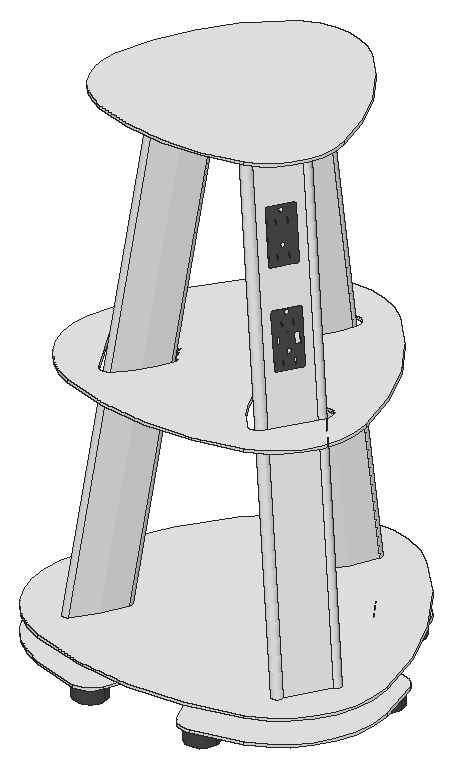
Revit family "OFS ISLE Power Supply1", category Furniture, Revit 2015
Parameters (values of type "Hospitality Mobile Cart 30")
  Width = 18"
  URL = "https://ofs.com/"
  Power Outlets Material = OFS ISLE - Black Plastic
  Model = "PS-96S"
  Manufacturer = "OFS"
  Height = 25 1/2"
  Base Caps Material = OFS ISLE - Base Plastic
  Description = "OFS ISLE POWER STATION, Silver"
  Depth = 18"
  Copyright © = "©OFS 2020"
  Power Station Finish = OFS ISLE - Polished Aluminum
  Catalog = "https://ofs.com/products/accessories/datapower/isle?search=isle"
  Authoring Version = "Autodesk Revit Architecture 2015"
  Assembly Code = "E2020200"
Types (3): name | Width | Power Outlets Material | Model | Height | Base Caps Material | Description | Depth | Power Station Finish | Catalog
  (no name) | 18" | OFS ISLE - Black Plastic | "PS-96S" | 25 1/2" | OFS ISLE - Base Plastic | "OFS ISLE POWER STATION, Silver" | 18" | OFS ISLE - Polished Aluminum | "https://ofs.com/products/accessories/datapower/isle?search=isle"
  Hospitality Mobile Cart 36 | 36" | none | "HC2-3625" | 36 1/2" | none | "OFS MEETING ROOM HOSPITALITY MOBILE CART 36\" Width" | 25" | none | "https://ofs.com/products/tables/conference/meeting-room"
  Hospitality Mobile Cart 30 | 18" | OFS ISLE - Black Plastic | "PS-96S" | 25 1/2" | OFS ISLE - Base Plastic | "OFS ISLE POWER STATION, Silver" | 18" | OFS ISLE - Polished Aluminum | "https://ofs.com/products/accessories/datapower/isle?search=isle"
Reference planes (in)
  plane 1 "Center Front/Back": y = 0
  plane 2: z = 0
  plane 3 "Center Left/Right": x = 0
  plane 4: z = 25.5
  plane 5: z = 4.125
  plane 6: z = 24.375
  plane 7: z = 3.375
  plane 8: z = 4.25
  plane 9: z = 28.375
  plane 10: z = 4.5625
  plane 11: z = 1.257
Forms (in)
  Extrusion 1, solid, material "OFS ISLE - Polished Aluminum" <- "Power Station Finish"
    sketch origin (0, 0, 0) x (1, 0, 0) y (0, 1, 0)
      loop
        arc (-2.62431, 6.57648) -> (-5.45875, 3.13786) -> (-7.01927, -1.03621) r 13.5
        arc (-7.01927, -1.03621) -> (-6.55676, -3.79953) -> (-4.39475, -5.58154) r 4
        arc (-4.39475, -5.58154) -> (0.03036, -6.31669) -> (4.45207, -5.56132) r 13.5
        arc (4.45207, -5.56132) -> (6.57186, -3.77315) -> (7.01927, -1.03621) r 4
        arc (7.01927, -1.03621) -> (5.45875, 3.13786) -> (2.62431, 6.57648) r 13.5
        arc (2.62431, 6.57648) -> (0, 7.55771) -> (-2.62431, 6.57648) r 4
      loop
        arc (-1.37533, 5.55799) -> (-1.72154, 5.38797) -> (-1.79866, 5.01005) r 0.4375
        arc (-1.79866, 5.01005) -> (-1.30389, 3.73291) -> (-0.5324, 2.60125) r 6
        arc (-0.5324, 2.60125) -> (-0.402, 2.56324) -> (-0.3139, 2.66662) r 0.125
        arc (-0.3139, 2.66662) -> (0, 2.5979) -> (0.3139, 2.66662) r 0.75126
        arc (0.3139, 2.66662) -> (0.402, 2.56324) -> (0.5324, 2.60125) r 0.125
        arc (0.5324, 2.60125) -> (1.30389, 3.73291) -> (1.79866, 5.01005) r 6
        arc (1.79866, 5.01005) -> (1.72154, 5.38797) -> (1.37533, 5.55799) r 0.4375
        line (1.37533, 5.55799) -> (-1.37533, 5.55799)
      loop
        arc (5.50103, -1.58793) -> (5.52689, -1.20309) -> (5.23816, -0.94734) r 0.4375
        arc (5.23816, -0.94734) -> (3.88475, -0.73725) -> (2.51895, -0.83956) r 6
        arc (2.51895, -0.83956) -> (2.42083, -0.93348) -> (2.46631, -1.06146) r 0.125
        arc (2.46631, -1.06146) -> (2.24985, -1.29895) -> (2.15241, -1.60516) r 0.75126
        arc (2.15241, -1.60516) -> (2.01883, -1.62976) -> (1.98655, -1.7617) r 0.125
        arc (1.98655, -1.7617) -> (2.58085, -2.99566) -> (3.4395, -4.06271) r 6
        arc (3.4395, -4.06271) -> (3.80535, -4.18488) -> (4.1257, -3.97007) r 0.4375
        line (4.1257, -3.97007) -> (5.50103, -1.58793)
      loop
        line (-5.50103, -1.58793) -> (-4.1257, -3.97007)
        arc (-4.1257, -3.97007) -> (-3.80535, -4.18488) -> (-3.4395, -4.06271) r 0.4375
        arc (-3.4395, -4.06271) -> (-2.58085, -2.99566) -> (-1.98655, -1.7617) r 6
        arc (-1.98655, -1.7617) -> (-2.01883, -1.62976) -> (-2.15241, -1.60516) r 0.125
        arc (-2.15241, -1.60516) -> (-2.24985, -1.29895) -> (-2.46631, -1.06146) r 0.75126
        arc (-2.46631, -1.06146) -> (-2.42083, -0.93348) -> (-2.51895, -0.83956) r 0.125
        arc (-2.51895, -0.83956) -> (-3.88475, -0.73725) -> (-5.23816, -0.94734) r 6
        arc (-5.23816, -0.94734) -> (-5.52689, -1.20309) -> (-5.50103, -1.58793) r 0.4375
    from 13.3125 to 13.4375
  Extrusion 2, solid, material "OFS ISLE - Polished Aluminum" <- "Power Station Finish"
    sketch origin (0, 0, 0) x (1, 0, 0) y (0, 1, 0)
      loop
        arc (-3.0693, 7.6916) -> (-6.38434, 3.66992) -> (-8.20947, -1.21191) r 15.78908
        arc (-8.20947, -1.21191) -> (-7.66853, -4.44378) -> (-5.13993, -6.52795) r 4.67824
        arc (-5.13993, -6.52795) -> (0.03551, -7.38775) -> (5.20697, -6.5043) r 15.78908
        arc (5.20697, -6.5043) -> (7.68619, -4.41293) -> (8.20947, -1.21191) r 4.67824
        arc (8.20947, -1.21191) -> (6.38434, 3.66992) -> (3.0693, 7.6916) r 15.78908
        arc (3.0693, 7.6916) -> (0, 8.8392) -> (-3.0693, 7.6916) r 4.67824
    from 1.9375 to 2.0625
  Extrusion 3, solid, material "OFS ISLE - Polished Aluminum" <- "Power Station Finish"
    sketch origin (0, 0, 0) x (1, 0, 0) y (0, 1, 0)
      loop
        arc (-2.14696, 5.38023) -> (-4.46581, 2.56709) -> (-5.74248, -0.84773) r 11.04437
        arc (-5.74248, -0.84773) -> (-5.3641, -3.1084) -> (-3.59535, -4.56627) r 3.27241
        arc (-3.59535, -4.56627) -> (0.02484, -5.16769) -> (3.64225, -4.54972) r 11.04437
        arc (3.64225, -4.54972) -> (5.37645, -3.08682) -> (5.74248, -0.84773) r 3.27241
        arc (5.74248, -0.84773) -> (4.46581, 2.56709) -> (2.14696, 5.38023) r 11.04437
        arc (2.14696, 5.38023) -> (0, 6.18298) -> (-2.14696, 5.38023) r 3.27241
    from 25.5625 to 25.6875
  Extrusion 4, solid, material "OFS ISLE - Polished Aluminum" <- "Power Station Finish"
    sketch origin (0, 0, 0) x (1, 0, 0) y (0, 1, 0)
      loop
        arc (-3.0693, 7.6916) -> (-3.88453, 6.9307) -> (-4.64403, 6.11417) r 15.78908
        arc (-4.64403, 6.11417) -> (-4.88804, 5.47814) -> (-4.66806, 4.8334) r 1
        line (-4.66806, 4.8334) -> (-3.62817, 3.53791) -> (-4.89188, 1.34909) -> (-6.53371, 1.60183)
        arc (-6.53371, 1.60183) -> (-7.20205, 1.46994) -> (-7.63084, 0.94059) r 1
        arc (-7.63084, 0.94059) -> (-7.95818, -0.12544) -> (-8.20947, -1.21191) r 15.78908
        arc (-8.20947, -1.21191) -> (-7.66853, -4.44378) -> (-5.13993, -6.52795) r 4.67824
        arc (-5.13993, -6.52795) -> (-4.03094, -6.86473) -> (-2.90024, -7.11925) r 15.78908
        arc (-2.90024, -7.11925) -> (-2.28418, -6.97276) -> (-1.87963, -6.4856) r 1
        line (-1.87963, -6.4856) -> (-1.2776, -4.93736) -> (1.24984, -4.93736) -> (1.85182, -6.48568)
        arc (1.85182, -6.48568) -> (2.30019, -6.99856) -> (2.97301, -7.10526) r 1
        arc (2.97301, -7.10526) -> (4.10101, -6.84575) -> (5.20697, -6.5043) r 15.78908
        arc (5.20697, -6.5043) -> (7.68619, -4.41293) -> (8.20947, -1.21191) r 4.67824
        arc (8.20947, -1.21191) -> (7.95818, -0.12544) -> (7.63084, 0.94059) r 15.78908
        arc (7.63084, 0.94059) -> (7.20205, 1.46994) -> (6.53371, 1.60183) r 1
        line (6.53371, 1.60183) -> (4.89188, 1.34909) -> (3.62817, 3.53791) -> (4.66806, 4.8334)
        arc (4.66806, 4.8334) -> (4.88804, 5.47814) -> (4.64403, 6.11417) r 1
        arc (4.64403, 6.11417) -> (3.88453, 6.9307) -> (3.0693, 7.6916) r 15.78908
        arc (3.0693, 7.6916) -> (0, 8.8392) -> (-3.0693, 7.6916) r 4.67824
    from 0.75 to 0.875
  Extrusion 5, solid, material "OFS ISLE - Polished Aluminum" <- "Power Station Finish"
    sketch origin (0, 3.57659, 1.45515) x (-0.5, -0.856513, -0.128007) y (0.866025, -0.494508, -0.073905)
      loop
        arc (-3.5204, -0.31438) -> (-3.72167, -0.55984) -> (-3.5212, -0.80596) r 0.25081
        line (-3.5212, -0.80596) -> (-2.4594, -2.64505)
        arc (-2.4594, -2.64505) -> (-2.34649, -2.94172) -> (-2.03328, -2.89015) r 0.25081
        arc (-2.03328, -2.89015) -> (-1.28391, -1.83834) -> (-0.76646, -0.65507) r 6.25636
        arc (-0.76646, -0.65507) -> (-0.78812, -0.45408) -> (-0.95135, -0.33482) r 0.25
        arc (-0.95135, -0.33482) -> (-2.23482, -0.19131) -> (-3.5204, -0.31438) r 6.25636
    from -0.47175 to 25.23275
  Extrusion 6, solid, material "OFS ISLE - Polished Aluminum" <- "Power Station Finish"
    sketch origin (-3.09742, -1.7883, 1.45515) x (0.991762, -0.004756, -0.128007) y (-0.004756, 0.997254, -0.073905)
      loop
        arc (-3.5204, -0.31438) -> (-3.72167, -0.55984) -> (-3.5212, -0.80596) r 0.25081
        line (-3.5212, -0.80596) -> (-2.4594, -2.64505)
        arc (-2.4594, -2.64505) -> (-2.34649, -2.94172) -> (-2.03328, -2.89015) r 0.25081
        arc (-2.03328, -2.89015) -> (-1.28391, -1.83834) -> (-0.76646, -0.65507) r 6.25636
        arc (-0.76646, -0.65507) -> (-0.78812, -0.45408) -> (-0.95135, -0.33482) r 0.25
        arc (-0.95135, -0.33482) -> (-2.23482, -0.19131) -> (-3.5204, -0.31438) r 6.25636
    from -0.47175 to 25.23275
  Extrusion 7, solid, material "OFS ISLE - Polished Aluminum" <- "Power Station Finish"
    sketch origin (3.09742, -1.7883, 1.45515) x (-0.991762, -0.004756, -0.128007) y (-0.004756, -0.997254, 0.073905)
      loop
        arc (-3.5204, 0.31438) -> (-2.23482, 0.19131) -> (-0.95135, 0.33482) r 6.25636
        arc (-0.95135, 0.33482) -> (-0.78812, 0.45408) -> (-0.76646, 0.65507) r 0.25
        arc (-0.76646, 0.65507) -> (-1.28391, 1.83834) -> (-2.03328, 2.89015) r 6.25636
        arc (-2.03328, 2.89015) -> (-2.34649, 2.94172) -> (-2.4594, 2.64505) r 0.25081
        line (-2.4594, 2.64505) -> (-3.5212, 0.80596)
        arc (-3.5212, 0.80596) -> (-3.72167, 0.55984) -> (-3.5204, 0.31438) r 0.25081
    from -0.47175 to 25.23275
  Extrusion 8, void
    sketch origin (0, 0, 0) x (1, 0, 0) y (0, 1, 0)
      loop
        circle (0, 0) r 10.25
    from 2.0625 to -2.47935
  Extrusion 9, void
    sketch origin (0, 0, 26.625) x (0, -1, 0) y (1, 0, 0)
      loop
        circle (0, 0) r 10.25
    from 1.9375 to -1.0625
  Extrusion 10, solid, material "OFS ISLE - Polished Aluminum" <- "Power Station Finish"
    sketch origin (0, 0, 0) x (1, 0, 0) y (0, 1, 0)
      loop
        arc (-2.14696, 5.38023) -> (-4.46581, 2.56709) -> (-5.74248, -0.84773) r 11.04437
        arc (-5.74248, -0.84773) -> (-5.3641, -3.1084) -> (-3.59535, -4.56627) r 3.27241
        arc (-3.59535, -4.56627) -> (0.02484, -5.16769) -> (3.64225, -4.54972) r 11.04437
        arc (3.64225, -4.54972) -> (5.37645, -3.08682) -> (5.74248, -0.84773) r 3.27241
        arc (5.74248, -0.84773) -> (4.46581, 2.56709) -> (2.14696, 5.38023) r 11.04437
        arc (2.14696, 5.38023) -> (0, 6.18298) -> (-2.14696, 5.38023) r 3.27241
    from 0.875 to 1.9375
  Extrusion 11, solid, material "OFS ISLE - Base Plastic" <- "Base Caps Material"
    sketch origin (0, 0, 0) x (1, 0, 0) y (0, 1, 0)
      loop
        circle (-2.8151, -6.152) r 0.75
      loop
        circle (2.8151, -6.152) r 0.75
      loop
        circle (6.73534, 0.63805) r 0.75
      loop
        circle (3.92024, 5.51395) r 0.75
      loop
        circle (-6.73534, 0.63805) r 0.75
      loop
        circle (-3.92024, 5.51395) r 0.75
    from 0 to 0.75
  Extrusion 12, solid, material "OFS ISLE - Black Plastic" <- "Power Outlets Material"
    sketch origin (5.52316, -4.41581, 1.96546) x (0.5, 0.866025, 0) y (-0.128007, 0.073905, 0.989016)
      loop
        line (1.27392, 14.31014) -> (1.27392, 13.96815) -> (1.36092, 13.96815) -> (1.36092, 14.31014) -> (1.27392, 14.31014)
      loop
        line (0.84892, 13.99615) -> (0.84892, 14.27414) -> (0.76392, 14.27414) -> (0.76392, 13.99615) -> (0.84892, 13.99615)
      loop
        line (1.16992, 14.60312) -> (1.16992, 14.70612) -> (0.95692, 14.70612) -> (0.95692, 14.60312)
        arc (0.95692, 14.60312) -> (1.06342, 14.49662) -> (1.16992, 14.60312) r 0.1065
      loop
        arc (0.71092, 15.23273) -> (0.64342, 15.30023) -> (0.57592, 15.23273) r 0.0675
        line (0.57592, 15.23273) -> (0.57592, 15.00774)
        arc (0.57592, 15.00774) -> (0.64342, 14.94024) -> (0.71092, 15.00774) r 0.0675
        line (0.71092, 15.00774) -> (0.71092, 15.23273)
      loop
        line (1.32892, 15.38123) -> (1.32892, 14.85925) -> (1.56092, 14.85925) -> (1.56092, 15.38123) -> (1.32892, 15.38123)
      loop
        arc (0.41592, 13.94929) -> (0.45253, 13.8609) -> (0.54092, 13.82429) r 0.125
        line (0.54092, 13.82429) -> (1.58592, 13.82429)
        arc (1.58592, 13.82429) -> (1.6743, 13.8609) -> (1.71092, 13.94929) r 0.125
        line (1.71092, 13.94929) -> (1.71092, 16.2991)
        arc (1.71092, 16.2991) -> (1.6743, 16.38749) -> (1.58592, 16.4241) r 0.125
        line (1.58592, 16.4241) -> (0.54092, 16.4241)
        arc (0.54092, 16.4241) -> (0.45253, 16.38749) -> (0.41592, 16.2991) r 0.125
        line (0.41592, 16.2991) -> (0.41592, 13.94929)
      loop
        line (1.27392, 15.97007) -> (1.27392, 15.62809) -> (1.36092, 15.62809) -> (1.36092, 15.97007) -> (1.27392, 15.97007)
      loop
        line (0.84892, 15.65609) -> (0.84892, 15.93408) -> (0.76392, 15.93408) -> (0.76392, 15.65609) -> (0.84892, 15.65609)
      loop
        line (1.16992, 16.26305) -> (1.16992, 16.36606) -> (0.95692, 16.36606) -> (0.95692, 16.26305)
        arc (0.95692, 16.26305) -> (1.06342, 16.15655) -> (1.16992, 16.26305) r 0.1065
      loop
        circle (1.06381, 15.42449) r 0.04996
      loop
        line (1.27392, 18.81005) -> (1.27392, 18.46806) -> (1.36092, 18.46806) -> (1.36092, 18.81005) -> (1.27392, 18.81005)
      loop
        line (0.84892, 18.49606) -> (0.84892, 18.77405) -> (0.76392, 18.77405) -> (0.76392, 18.49606) -> (0.84892, 18.49606)
      loop
        line (1.16992, 19.10303) -> (1.16992, 19.20603) -> (0.95692, 19.20603) -> (0.95692, 19.10303)
        arc (0.95692, 19.10303) -> (1.06342, 18.99653) -> (1.16992, 19.10303) r 0.1065
      loop
        arc (0.41592, 18.37107) -> (0.45253, 18.28268) -> (0.54092, 18.24607) r 0.125
        line (0.54092, 18.24607) -> (1.58592, 18.24607)
        arc (1.58592, 18.24607) -> (1.6743, 18.28268) -> (1.71092, 18.37107) r 0.125
        line (1.71092, 18.37107) -> (1.71092, 20.68963)
        arc (1.71092, 20.68963) -> (1.6743, 20.77802) -> (1.58592, 20.81463) r 0.125
        line (1.58592, 20.81463) -> (0.54092, 20.81463)
        arc (0.54092, 20.81463) -> (0.45253, 20.77802) -> (0.41592, 20.68963) r 0.125
        line (0.41592, 20.68963) -> (0.41592, 18.37107)
      loop
        line (1.27392, 20.29811) -> (1.27392, 19.95612) -> (1.36092, 19.95612) -> (1.36092, 20.29811) -> (1.27392, 20.29811)
      loop
        line (0.84892, 19.98412) -> (0.84892, 20.26211) -> (0.76392, 20.26211) -> (0.76392, 19.98412) -> (0.84892, 19.98412)
      loop
        line (1.16992, 20.59109) -> (1.16992, 20.69409) -> (0.95692, 20.69409) -> (0.95692, 20.59109)
        arc (0.95692, 20.59109) -> (1.06342, 20.48459) -> (1.16992, 20.59109) r 0.1065
    from 0 to 0.08427
  Extrusion 13, solid, material "OFS ISLE - Black Plastic" <- "Power Outlets Material"
    sketch origin (-5.52316, -4.41581, 1.96546) x (-0.5, 0.866025, 0) y (-0.128007, -0.073905, -0.989016)
      loop
        line (1.27392, -14.31014) -> (1.36092, -14.31014) -> (1.36092, -13.96815) -> (1.27392, -13.96815) -> (1.27392, -14.31014)
      loop
        line (0.84892, -13.99615) -> (0.76392, -13.99615) -> (0.76392, -14.27414) -> (0.84892, -14.27414) -> (0.84892, -13.99615)
      loop
        arc (1.16992, -14.60312) -> (1.06342, -14.49662) -> (0.95692, -14.60312) r 0.1065
        line (0.95692, -14.60312) -> (0.95692, -14.70612) -> (1.16992, -14.70612) -> (1.16992, -14.60312)
      loop
        line (0.71092, -15.23273) -> (0.71092, -15.00774)
        arc (0.71092, -15.00774) -> (0.64342, -14.94024) -> (0.57592, -15.00774) r 0.0675
        line (0.57592, -15.00774) -> (0.57592, -15.23273)
        arc (0.57592, -15.23273) -> (0.64342, -15.30023) -> (0.71092, -15.23273) r 0.0675
      loop
        line (1.32892, -15.38123) -> (1.56092, -15.38123) -> (1.56092, -14.85925) -> (1.32892, -14.85925) -> (1.32892, -15.38123)
      loop
        line (0.41592, -13.94929) -> (0.41592, -16.2991)
        arc (0.41592, -16.2991) -> (0.45253, -16.38749) -> (0.54092, -16.4241) r 0.125
        line (0.54092, -16.4241) -> (1.58592, -16.4241)
        arc (1.58592, -16.4241) -> (1.6743, -16.38749) -> (1.71092, -16.2991) r 0.125
        line (1.71092, -16.2991) -> (1.71092, -13.94929)
        arc (1.71092, -13.94929) -> (1.6743, -13.8609) -> (1.58592, -13.82429) r 0.125
        line (1.58592, -13.82429) -> (0.54092, -13.82429)
        arc (0.54092, -13.82429) -> (0.45253, -13.8609) -> (0.41592, -13.94929) r 0.125
      loop
        line (1.27392, -15.97007) -> (1.36092, -15.97007) -> (1.36092, -15.62809) -> (1.27392, -15.62809) -> (1.27392, -15.97007)
      loop
        line (0.84892, -15.65609) -> (0.76392, -15.65609) -> (0.76392, -15.93408) -> (0.84892, -15.93408) -> (0.84892, -15.65609)
      loop
        arc (1.16992, -16.26305) -> (1.06342, -16.15655) -> (0.95692, -16.26305) r 0.1065
        line (0.95692, -16.26305) -> (0.95692, -16.36606) -> (1.16992, -16.36606) -> (1.16992, -16.26305)
      loop
        circle (1.06381, -15.42449) r 0.04996
      loop
        line (1.27392, -18.81005) -> (1.36092, -18.81005) -> (1.36092, -18.46806) -> (1.27392, -18.46806) -> (1.27392, -18.81005)
      loop
        line (0.84892, -18.49606) -> (0.76392, -18.49606) -> (0.76392, -18.77405) -> (0.84892, -18.77405) -> (0.84892, -18.49606)
      loop
        arc (1.16992, -19.10303) -> (1.06342, -18.99653) -> (0.95692, -19.10303) r 0.1065
        line (0.95692, -19.10303) -> (0.95692, -19.20603) -> (1.16992, -19.20603) -> (1.16992, -19.10303)
      loop
        line (0.41592, -18.37107) -> (0.41592, -20.68963)
        arc (0.41592, -20.68963) -> (0.45253, -20.77802) -> (0.54092, -20.81463) r 0.125
        line (0.54092, -20.81463) -> (1.58592, -20.81463)
        arc (1.58592, -20.81463) -> (1.6743, -20.77802) -> (1.71092, -20.68963) r 0.125
        line (1.71092, -20.68963) -> (1.71092, -18.37107)
        arc (1.71092, -18.37107) -> (1.6743, -18.28268) -> (1.58592, -18.24607) r 0.125
        line (1.58592, -18.24607) -> (0.54092, -18.24607)
        arc (0.54092, -18.24607) -> (0.45253, -18.28268) -> (0.41592, -18.37107) r 0.125
      loop
        line (1.27392, -20.29811) -> (1.36092, -20.29811) -> (1.36092, -19.95612) -> (1.27392, -19.95612) -> (1.27392, -20.29811)
      loop
        line (0.84892, -19.98412) -> (0.76392, -19.98412) -> (0.76392, -20.26211) -> (0.84892, -20.26211) -> (0.84892, -19.98412)
      loop
        arc (1.16992, -20.59109) -> (1.06342, -20.48459) -> (0.95692, -20.59109) r 0.1065
        line (0.95692, -20.59109) -> (0.95692, -20.69409) -> (1.16992, -20.69409) -> (1.16992, -20.59109)
    from 0 to 0.08427
  Extrusion 14, solid, material "OFS ISLE - Black Plastic" <- "Power Outlets Material"
    sketch origin (1.06262, 6.9911, 1.96546) x (-1, 0, 0) y (0, -0.147809, 0.989016)
      loop
        line (1.27392, 14.31014) -> (1.27392, 13.96815) -> (1.36092, 13.96815) -> (1.36092, 14.31014) -> (1.27392, 14.31014)
      loop
        line (0.84892, 13.99615) -> (0.84892, 14.27414) -> (0.76392, 14.27414) -> (0.76392, 13.99615) -> (0.84892, 13.99615)
      loop
        line (1.16992, 14.60312) -> (1.16992, 14.70612) -> (0.95692, 14.70612) -> (0.95692, 14.60312)
        arc (0.95692, 14.60312) -> (1.06342, 14.49662) -> (1.16992, 14.60312) r 0.1065
      loop
        arc (0.71092, 15.23273) -> (0.64342, 15.30023) -> (0.57592, 15.23273) r 0.0675
        line (0.57592, 15.23273) -> (0.57592, 15.00774)
        arc (0.57592, 15.00774) -> (0.64342, 14.94024) -> (0.71092, 15.00774) r 0.0675
        line (0.71092, 15.00774) -> (0.71092, 15.23273)
      loop
        line (1.32892, 15.38123) -> (1.32892, 14.85925) -> (1.56092, 14.85925) -> (1.56092, 15.38123) -> (1.32892, 15.38123)
      loop
        arc (0.41592, 13.94929) -> (0.45253, 13.8609) -> (0.54092, 13.82429) r 0.125
        line (0.54092, 13.82429) -> (1.58592, 13.82429)
        arc (1.58592, 13.82429) -> (1.6743, 13.8609) -> (1.71092, 13.94929) r 0.125
        line (1.71092, 13.94929) -> (1.71092, 16.2991)
        arc (1.71092, 16.2991) -> (1.6743, 16.38749) -> (1.58592, 16.4241) r 0.125
        line (1.58592, 16.4241) -> (0.54092, 16.4241)
        arc (0.54092, 16.4241) -> (0.45253, 16.38749) -> (0.41592, 16.2991) r 0.125
        line (0.41592, 16.2991) -> (0.41592, 13.94929)
      loop
        line (1.27392, 15.97007) -> (1.27392, 15.62809) -> (1.36092, 15.62809) -> (1.36092, 15.97007) -> (1.27392, 15.97007)
      loop
        line (0.84892, 15.65609) -> (0.84892, 15.93408) -> (0.76392, 15.93408) -> (0.76392, 15.65609) -> (0.84892, 15.65609)
      loop
        line (1.16992, 16.26305) -> (1.16992, 16.36606) -> (0.95692, 16.36606) -> (0.95692, 16.26305)
        arc (0.95692, 16.26305) -> (1.06342, 16.15655) -> (1.16992, 16.26305) r 0.1065
      loop
        circle (1.06381, 15.42449) r 0.04996
      loop
        line (1.27392, 18.81005) -> (1.27392, 18.46806) -> (1.36092, 18.46806) -> (1.36092, 18.81005) -> (1.27392, 18.81005)
      loop
        line (0.84892, 18.49606) -> (0.84892, 18.77405) -> (0.76392, 18.77405) -> (0.76392, 18.49606) -> (0.84892, 18.49606)
      loop
        line (1.16992, 19.10303) -> (1.16992, 19.20603) -> (0.95692, 19.20603) -> (0.95692, 19.10303)
        arc (0.95692, 19.10303) -> (1.06342, 18.99653) -> (1.16992, 19.10303) r 0.1065
      loop
        arc (0.41592, 18.37107) -> (0.45253, 18.28268) -> (0.54092, 18.24607) r 0.125
        line (0.54092, 18.24607) -> (1.58592, 18.24607)
        arc (1.58592, 18.24607) -> (1.6743, 18.28268) -> (1.71092, 18.37107) r 0.125
        line (1.71092, 18.37107) -> (1.71092, 20.68963)
        arc (1.71092, 20.68963) -> (1.6743, 20.77802) -> (1.58592, 20.81463) r 0.125
        line (1.58592, 20.81463) -> (0.54092, 20.81463)
        arc (0.54092, 20.81463) -> (0.45253, 20.77802) -> (0.41592, 20.68963) r 0.125
        line (0.41592, 20.68963) -> (0.41592, 18.37107)
      loop
        line (1.27392, 20.29811) -> (1.27392, 19.95612) -> (1.36092, 19.95612) -> (1.36092, 20.29811) -> (1.27392, 20.29811)
      loop
        line (0.84892, 19.98412) -> (0.84892, 20.26211) -> (0.76392, 20.26211) -> (0.76392, 19.98412) -> (0.84892, 19.98412)
      loop
        line (1.16992, 20.59109) -> (1.16992, 20.69409) -> (0.95692, 20.69409) -> (0.95692, 20.59109)
        arc (0.95692, 20.59109) -> (1.06342, 20.48459) -> (1.16992, 20.59109) r 0.1065
    from 0 to 0.08427
Cuts and joins
  Extrusion 8, Extrusion 9 cuts Extrusion 6
  Extrusion 8, Extrusion 9 cuts Extrusion 7
  Extrusion 8, Extrusion 9 cuts Extrusion 5
Dimensions and locks (in)
  "Height": plane 4 to level
  plane 5 to level = 4 1/8"
  plane 4 to plane 6 = 1 1/8"
  locked: plane 5 to plane 7 at 0.75
  locked: plane 8 to plane 5 at 0.125
  plane 10 to plane 8 = 5/16"
  aligned and locked: level to plane 2
Automatic sketch dimensions
  Extrusion 1 sketch curve to plane 3 "Center Left/Right" = 0"  (x2)
  Extrusion 1 sketch curve to plane 3 "Center Left/Right" = 0.00049"
  Extrusion 1 sketch curve to plane 3 "Center Left/Right" = 0.43783"
  Extrusion 1 sketch curve to plane 3 "Center Left/Right" = 1.37533"
  Extrusion 1 sketch curve to plane 3 "Center Left/Right" = 2.10463"
  Extrusion 1 sketch curve to Extrusion 1 sketch curve = 0.43783"  (x2)
  Extrusion 1 sketch curve to Extrusion 1 sketch curve = 0.358"  (x2)
  Extrusion 1 sketch curve to Extrusion 1 sketch curve = 0.19229"  (x2)
  Extrusion 1 sketch curve to plane 3 "Center Left/Right" = 3.6471"
  Extrusion 1 sketch curve to Extrusion 1 sketch curve = 0.65407"  (x2)
  Extrusion 1 sketch curve to Extrusion 1 sketch curve = 2.63168"  (x2)
  Extrusion 1 sketch curve to Extrusion 1 sketch curve = 0.37889"  (x4)
  Extrusion 1 sketch curve to Extrusion 1 sketch curve = 2.02939"  (x2)
  plane 1 "Center Front/Back" to Extrusion 1 sketch curve = 1.58793"  (x2)
  Extrusion 1 sketch curve to Extrusion 1 sketch curve = 2.10705"  (x2)
  Extrusion 1 sketch curve to plane 1 "Center Front/Back" = 0.20779"  (x2)
  Extrusion 1 sketch curve to Extrusion 1 sketch curve = 2.15308"  (x2)
  plane 3 "Center Left/Right" to Extrusion 1 sketch curve = 0.43783"
  plane 3 "Center Left/Right" to Extrusion 1 sketch curve = 1.37533"
  plane 3 "Center Left/Right" to Extrusion 1 sketch curve = 2.10463"
  plane 3 "Center Left/Right" to Extrusion 1 sketch curve = 3.6471"
  plane 1 "Center Front/Back" to Extrusion 1 sketch curve = 1.67458"  (x2)
  Extrusion 1 sketch curve to Extrusion 1 sketch curve = 0.04609"  (x2)
  Extrusion 1 sketch curve to Extrusion 1 sketch curve = 0.12479"  (x2)
  Extrusion 1 sketch curve to Extrusion 1 sketch curve = 2.02394"  (x2)
  Extrusion 1 sketch curve to Extrusion 1 sketch curve = 1.95194"  (x2)
  Extrusion 1 sketch curve to Extrusion 1 sketch curve = 7/32"  (x4)
  Extrusion 1 sketch curve to Extrusion 1 sketch curve = 2.66984"  (x2)
  Extrusion 1 sketch curve to Extrusion 1 sketch curve = 0.71225"  (x2)
  Extrusion 1 sketch curve to plane 1 "Center Front/Back" = 2.68299"
  Extrusion 1 sketch curve to Extrusion 1 sketch curve = 0"  (x10)
  Extrusion 1 sketch curve to Extrusion 1 sketch curve = 0.66616"
  Extrusion 1 sketch curve to Extrusion 1 sketch curve = 0.20855"
  Extrusion 1 sketch curve to Extrusion 1 sketch curve = 1.56278"  (x2)
  Extrusion 1 sketch curve to Extrusion 1 sketch curve = 7/16"
  Extrusion 1 sketch curve to Extrusion 1 sketch curve = 0.96676"
  Extrusion 1 sketch curve to Extrusion 1 sketch curve = 1.51471"
  Extrusion 1 sketch curve to Extrusion 1 sketch curve = 1.62528"
  Extrusion 1 sketch curve to Extrusion 1 sketch curve = 0.12392"  (x2)
  Extrusion 1 sketch curve to Extrusion 1 sketch curve = 0.09457"
  Extrusion 1 sketch curve to Extrusion 1 sketch curve = 0.11807"  (x2)
  Extrusion 1 sketch curve to Extrusion 1 sketch curve = 0.04778"  (x2)
  Extrusion 1 sketch curve to Extrusion 1 sketch curve = 0.07614"  (x2)
  Extrusion 1 sketch curve to Extrusion 1 sketch curve = 1.38269"
  Extrusion 1 sketch curve to Extrusion 1 sketch curve = 0.74765"
  Extrusion 1 sketch curve to Extrusion 1 sketch curve = 0.80497"
  Extrusion 2 sketch curve to plane 3 "Center Left/Right" = 0"
  Extrusion 2 sketch curve to plane 3 "Center Left/Right" = 0.00058"
  Extrusion 2 sketch curve to plane 3 "Center Left/Right" = 3.61716"
  Extrusion 2 sketch curve to Extrusion 2 sketch curve = 3.67242"  (x2)
  plane 3 "Center Left/Right" to Extrusion 2 sketch curve = 3.61716"
  plane 1 "Center Front/Back" to Extrusion 2 sketch curve = 4.2243"  (x2)
  plane 1 "Center Front/Back" to Extrusion 2 sketch curve = 2.10447"  (x2)
  Extrusion 2 sketch curve to plane 1 "Center Front/Back" = 4.16096"
  Extrusion 2 sketch curve to Extrusion 2 sketch curve = 4.24032"
  Extrusion 2 sketch curve to plane 3 "Center Left/Right" = 3.0693"
  Extrusion 2 sketch curve to Extrusion 2 sketch curve = 0"  (x3)
  Extrusion 2 sketch curve to Extrusion 2 sketch curve = 2.14965"
  Extrusion 2 sketch curve to Extrusion 2 sketch curve = 2.08261"
  Extrusion 3 sketch curve to plane 3 "Center Left/Right" = 0"
  Extrusion 3 sketch curve to plane 3 "Center Left/Right" = 0.0004"
  Extrusion 3 sketch curve to plane 3 "Center Left/Right" = 2.53018"
  Extrusion 3 sketch curve to Extrusion 3 sketch curve = 2.56884"  (x2)
  plane 3 "Center Left/Right" to Extrusion 3 sketch curve = 2.53018"
  plane 1 "Center Front/Back" to Extrusion 3 sketch curve = 2.95488"  (x2)
  plane 1 "Center Front/Back" to Extrusion 3 sketch curve = 1.47207"  (x2)
  Extrusion 3 sketch curve to plane 1 "Center Front/Back" = 2.91057"
  Extrusion 3 sketch curve to Extrusion 3 sketch curve = 2.96608"
  Extrusion 3 sketch curve to plane 3 "Center Left/Right" = 2.14696"
  Extrusion 3 sketch curve to Extrusion 3 sketch curve = 0"  (x3)
  Extrusion 3 sketch curve to Extrusion 3 sketch curve = 1.50367"
  Extrusion 3 sketch curve to Extrusion 3 sketch curve = 1.45678"
  Extrusion 4 sketch curve to Extrusion 4 sketch curve = 0"  (x12)
  Extrusion 4 sketch curve to plane 3 "Center Left/Right" = 0"
  Extrusion 4 sketch curve to plane 3 "Center Left/Right" = 0.00058"
  Extrusion 4 sketch curve to plane 3 "Center Left/Right" = 1.2776"
  Extrusion 4 sketch curve to Extrusion 4 sketch curve = 0.60203"
  Extrusion 4 sketch curve to Extrusion 4 sketch curve = 0.93202"
  plane 1 "Center Front/Back" to Extrusion 4 sketch curve = 2.10447"  (x2)
  Extrusion 4 sketch curve to plane 3 "Center Left/Right" = 3.61716"
  Extrusion 4 sketch curve to plane 3 "Center Left/Right" = 3.62817"
  Extrusion 4 sketch curve to Extrusion 4 sketch curve = 0.26005"  (x2)
  Extrusion 4 sketch curve to Extrusion 4 sketch curve = 0.77984"  (x2)
  Extrusion 4 sketch curve to plane 1 "Center Front/Back" = 1.34909"  (x2)
  Extrusion 4 sketch curve to Extrusion 4 sketch curve = 1.26372"  (x2)
  Extrusion 4 sketch curve to plane 1 "Center Front/Back" = 1.60183"  (x2)
  Extrusion 4 sketch curve to Extrusion 4 sketch curve = 1.64182"  (x2)
  Extrusion 4 sketch curve to Extrusion 4 sketch curve = 0.15215"  (x2)
  Extrusion 4 sketch curve to Extrusion 4 sketch curve = 3.67242"  (x2)
  plane 3 "Center Left/Right" to Extrusion 4 sketch curve = 1.24984"
  Extrusion 4 sketch curve to Extrusion 4 sketch curve = 0.60198"
  Extrusion 4 sketch curve to Extrusion 4 sketch curve = 0.93203"
  plane 3 "Center Left/Right" to Extrusion 4 sketch curve = 3.61716"
  plane 3 "Center Left/Right" to Extrusion 4 sketch curve = 3.62817"
  plane 1 "Center Front/Back" to Extrusion 4 sketch curve = 4.2243"  (x2)
  plane 1 "Center Front/Back" to Extrusion 4 sketch curve = 4.93736"
  Extrusion 4 sketch curve to Extrusion 4 sketch curve = 1.18582"
  Extrusion 4 sketch curve to Extrusion 4 sketch curve = 1.18594"
  Extrusion 4 sketch curve to Extrusion 4 sketch curve = 0.36242"
  Extrusion 4 sketch curve to Extrusion 4 sketch curve = 0.36237"
  Extrusion 4 sketch curve to plane 1 "Center Front/Back" = 0.61347"  (x2)
  Extrusion 4 sketch curve to Extrusion 4 sketch curve = 2.18882"  (x2)
  Extrusion 4 sketch curve to Extrusion 4 sketch curve = 0.62305"
  Extrusion 4 sketch curve to Extrusion 4 sketch curve = 1.29549"  (x2)
  Extrusion 4 sketch curve to Extrusion 4 sketch curve = 0.62598"  (x2)
  Extrusion 4 sketch curve to Extrusion 4 sketch curve = 4.24032"
  Extrusion 4 sketch curve to Extrusion 4 sketch curve = 0.08859"
  Extrusion 4 sketch curve to Extrusion 4 sketch curve = 1.57473"
  Extrusion 4 sketch curve to Extrusion 4 sketch curve = 0.18915"
  Extrusion 4 sketch curve to Extrusion 4 sketch curve = 2.23396"
  plane 3 "Center Left/Right" to Extrusion 5 sketch curve = 4.44301"
  Extrusion 5 sketch curve to Extrusion 5 sketch curve = 3.20558"
  Extrusion 5 sketch curve to Extrusion 5 sketch curve = 0.05034"
  Extrusion 5 sketch curve to Extrusion 5 sketch curve = 1.0618"
  Extrusion 5 sketch curve to Extrusion 5 sketch curve = 0.17481"
  Extrusion 5 sketch curve to Extrusion 5 sketch curve = 0.23796"
  Extrusion 5 sketch curve to Extrusion 5 sketch curve = 2.46623"
  Extrusion 5 sketch curve to Extrusion 5 sketch curve = 1.80689"
  Extrusion 5 sketch curve to Extrusion 5 sketch curve = 0.01883"
  Extrusion 5 sketch curve to Extrusion 5 sketch curve = 0.24571"
  Extrusion 5 sketch curve to Extrusion 5 sketch curve = 1.83909"
  Extrusion 5 sketch curve to Extrusion 5 sketch curve = 0.07925"
  Extrusion 5 sketch curve to Extrusion 5 sketch curve = 3.55732"
  Extrusion 5 sketch curve to Extrusion 5 sketch curve = 0"  (x3)
  Extrusion 6 sketch curve to Extrusion 6 sketch curve = 3.20558"
  Extrusion 6 sketch curve to Extrusion 6 sketch curve = 0.05034"
  Extrusion 6 sketch curve to Extrusion 6 sketch curve = 1.0618"
  Extrusion 6 sketch curve to Extrusion 6 sketch curve = 0.17481"
  Extrusion 6 sketch curve to Extrusion 6 sketch curve = 0.23796"
  Extrusion 6 sketch curve to Extrusion 6 sketch curve = 2.46623"
  Extrusion 6 sketch curve to Extrusion 6 sketch curve = 3.72316"
  Extrusion 6 sketch curve to Extrusion 6 sketch curve = 0.07925"
  Extrusion 6 sketch curve to Extrusion 6 sketch curve = 1.83909"
  Extrusion 6 sketch curve to Extrusion 6 sketch curve = 2.14523"
  Extrusion 6 sketch curve to Extrusion 6 sketch curve = 0.24571"
  Extrusion 6 sketch curve to Extrusion 6 sketch curve = 1.56102"
  Extrusion 6 sketch curve to Extrusion 6 sketch curve = 0"  (x3)
  Extrusion 7 sketch curve to Extrusion 7 sketch curve = 3.20558"
  Extrusion 7 sketch curve to Extrusion 7 sketch curve = 0.05034"
  Extrusion 7 sketch curve to Extrusion 7 sketch curve = 1.0618"
  Extrusion 7 sketch curve to Extrusion 7 sketch curve = 0.17481"
  Extrusion 7 sketch curve to Extrusion 7 sketch curve = 0.23796"
  Extrusion 7 sketch curve to Extrusion 7 sketch curve = 2.46623"
  Extrusion 7 sketch curve to Extrusion 7 sketch curve = 1.80689"
  Extrusion 7 sketch curve to Extrusion 7 sketch curve = 0.01883"
  Extrusion 7 sketch curve to Extrusion 7 sketch curve = 0.24571"
  Extrusion 7 sketch curve to Extrusion 7 sketch curve = 1.83909"
  Extrusion 7 sketch curve to Extrusion 7 sketch curve = 0.07925"
  Extrusion 7 sketch curve to Extrusion 7 sketch curve = 3.55732"
  Extrusion 7 sketch curve to Extrusion 7 sketch curve = 0"  (x3)
  plane 1 "Center Front/Back" to Extrusion 8 sketch curve = 0"
  Extrusion 8 sketch curve to plane 3 "Center Left/Right" = 0"
  plane 1 "Center Front/Back" to Extrusion 9 sketch curve = 0"
  Extrusion 9 sketch curve to plane 3 "Center Left/Right" = 0"
  Extrusion 10 sketch curve to plane 3 "Center Left/Right" = 0"
  Extrusion 10 sketch curve to plane 3 "Center Left/Right" = 0.0004"
  Extrusion 10 sketch curve to plane 3 "Center Left/Right" = 2.53018"
  Extrusion 10 sketch curve to Extrusion 10 sketch curve = 2.56884"  (x2)
  plane 3 "Center Left/Right" to Extrusion 10 sketch curve = 2.53018"
  plane 1 "Center Front/Back" to Extrusion 10 sketch curve = 2.95488"  (x2)
  plane 1 "Center Front/Back" to Extrusion 10 sketch curve = 1.47207"  (x2)
  Extrusion 10 sketch curve to plane 1 "Center Front/Back" = 2.91057"
  Extrusion 10 sketch curve to Extrusion 10 sketch curve = 2.96608"
  Extrusion 10 sketch curve to plane 3 "Center Left/Right" = 2.14696"
  Extrusion 10 sketch curve to Extrusion 10 sketch curve = 0"  (x3)
  Extrusion 10 sketch curve to Extrusion 10 sketch curve = 1.50367"
  Extrusion 10 sketch curve to Extrusion 10 sketch curve = 1.45678"
  Extrusion 11 sketch curve to plane 1 "Center Front/Back" = 0.63805"  (x2)
  Extrusion 11 sketch curve to plane 3 "Center Left/Right" = 6.73534"
  Extrusion 11 sketch curve to plane 3 "Center Left/Right" = 3.92024"
  Extrusion 11 sketch curve to plane 3 "Center Left/Right" = 2.8151"
  plane 3 "Center Left/Right" to Extrusion 11 sketch curve = 2.8151"
  plane 3 "Center Left/Right" to Extrusion 11 sketch curve = 3.92024"
  Extrusion 11 sketch curve to Extrusion 11 sketch curve = 2.8151"
  plane 1 "Center Front/Back" to Extrusion 11 sketch curve = 6.152"
  Extrusion 11 sketch curve to Extrusion 11 sketch curve = 0"
  Extrusion 11 sketch curve to plane 1 "Center Front/Back" = 5.51395"  (x2)
  Extrusion 12 sketch curve to Extrusion 12 sketch curve = 0"
  Extrusion 12 sketch curve to Extrusion 12 sketch curve = 1/8"  (x7)
  Extrusion 12 sketch curve to Extrusion 12 sketch curve = 0.035"
  Extrusion 12 sketch curve to Extrusion 12 sketch curve = 0.0675"
  Extrusion 12 sketch curve to Extrusion 12 sketch curve = 0.053"
  Extrusion 12 sketch curve to Extrusion 12 sketch curve = 0.223"  (x3)
  Extrusion 12 sketch curve to Extrusion 12 sketch curve = 0.085"  (x4)
  Extrusion 12 sketch curve to Extrusion 12 sketch curve = 0.108"  (x3)
  Extrusion 12 sketch curve to Extrusion 12 sketch curve = 0.416"  (x3)
  Extrusion 12 sketch curve to Extrusion 12 sketch curve = 0.1065"  (x4)
  Extrusion 12 sketch curve to Extrusion 12 sketch curve = 0.21489"
  Extrusion 12 sketch curve to Extrusion 12 sketch curve = 0.104"  (x2)
  Extrusion 12 sketch curve to Extrusion 12 sketch curve = 0.425"  (x2)
  Extrusion 12 sketch curve to Extrusion 12 sketch curve = 0.159"
  Extrusion 12 sketch curve to Extrusion 12 sketch curve = 0.087"  (x4)
  Extrusion 12 sketch curve to Extrusion 12 sketch curve = 0.232"
  Extrusion 12 sketch curve to Extrusion 12 sketch curve = 0.225"  (x2)
  Extrusion 12 sketch curve to Extrusion 12 sketch curve = 0.01886"
  Extrusion 12 sketch curve to Extrusion 12 sketch curve = 3/64"
  Extrusion 12 sketch curve to Extrusion 12 sketch curve = 0.27799"  (x4)
  Extrusion 12 sketch curve to Extrusion 12 sketch curve = 0.34199"  (x4)
  Extrusion 12 sketch curve to Extrusion 12 sketch curve = 75/256"  (x4)
  Extrusion 12 sketch curve to Extrusion 12 sketch curve = 0.10301"  (x4)
  Extrusion 12 sketch curve to Extrusion 12 sketch curve = 0.15313"
  Extrusion 12 sketch curve to Extrusion 12 sketch curve = 0.30162"
  Extrusion 12 sketch curve to Extrusion 12 sketch curve = 0.22499"
  Extrusion 12 sketch curve to Extrusion 12 sketch curve = 0.52198"
  Extrusion 12 sketch curve to Extrusion 12 sketch curve = 0.04327"
  Extrusion 12 sketch curve to Extrusion 12 sketch curve = 0.24686"
  Extrusion 12 sketch curve to Extrusion 12 sketch curve = 0.23159"
  Extrusion 12 sketch curve to Extrusion 12 sketch curve = 0.32903"
  Extrusion 12 sketch curve to Extrusion 12 sketch curve = 1.82197"
  Extrusion 12 sketch curve to Extrusion 12 sketch curve = 0.09699"
  Extrusion 12 sketch curve to Extrusion 12 sketch curve = 0.75009"
  Extrusion 12 sketch curve to Extrusion 12 sketch curve = 0.028"
  Extrusion 12 sketch curve to Extrusion 12 sketch curve = 0.09855"
  Extrusion 13 sketch curve to Extrusion 13 sketch curve = 0"
  Extrusion 13 sketch curve to Extrusion 13 sketch curve = 1/8"  (x6)
  Extrusion 13 sketch curve to Extrusion 13 sketch curve = 0.035"
  Extrusion 13 sketch curve to Extrusion 13 sketch curve = 0.0675"
  Extrusion 13 sketch curve to Extrusion 13 sketch curve = 0.053"
  Extrusion 13 sketch curve to Extrusion 13 sketch curve = 0.223"  (x3)
  Extrusion 13 sketch curve to Extrusion 13 sketch curve = 0.085"  (x4)
  Extrusion 13 sketch curve to Extrusion 13 sketch curve = 0.108"  (x3)
  Extrusion 13 sketch curve to Extrusion 13 sketch curve = 0.416"  (x3)
  Extrusion 13 sketch curve to Extrusion 13 sketch curve = 0.1065"  (x4)
  Extrusion 13 sketch curve to Extrusion 13 sketch curve = 0.21489"
  Extrusion 13 sketch curve to Extrusion 13 sketch curve = 0.104"  (x2)
  Extrusion 13 sketch curve to Extrusion 13 sketch curve = 0.425"  (x2)
  Extrusion 13 sketch curve to Extrusion 13 sketch curve = 0.159"
  Extrusion 13 sketch curve to Extrusion 13 sketch curve = 0.087"  (x4)
  Extrusion 13 sketch curve to Extrusion 13 sketch curve = 0.232"
  Extrusion 13 sketch curve to Extrusion 13 sketch curve = 0.225"  (x2)
  Extrusion 13 sketch curve to Extrusion 13 sketch curve = 0.00446"
  Extrusion 13 sketch curve to Extrusion 13 sketch curve = 0.10301"  (x4)
  Extrusion 13 sketch curve to Extrusion 13 sketch curve = 75/256"  (x4)
  Extrusion 13 sketch curve to Extrusion 13 sketch curve = 0.32898"  (x4)
  Extrusion 13 sketch curve to Extrusion 13 sketch curve = 0.27799"  (x4)
  Extrusion 13 sketch curve to Extrusion 13 sketch curve = 0.34199"  (x4)
  Extrusion 13 sketch curve to Extrusion 13 sketch curve = 0.75009"
  Extrusion 13 sketch curve to Extrusion 13 sketch curve = 0.09699"
  Extrusion 13 sketch curve to Extrusion 13 sketch curve = 1.82197"
  Extrusion 13 sketch curve to Extrusion 13 sketch curve = 0.05804"
  Extrusion 13 sketch curve to Extrusion 13 sketch curve = 0.20359"
  Extrusion 13 sketch curve to Extrusion 13 sketch curve = 0.24686"
  Extrusion 13 sketch curve to Extrusion 13 sketch curve = 0.19176"
  Extrusion 13 sketch curve to Extrusion 13 sketch curve = 0.22499"
  Extrusion 13 sketch curve to Extrusion 13 sketch curve = 0.52198"
  Extrusion 13 sketch curve to Extrusion 13 sketch curve = 0.15313"
  Extrusion 13 sketch curve to Extrusion 13 sketch curve = 0.01886"
  Extrusion 14 sketch curve to Extrusion 14 sketch curve = 0"
  Extrusion 14 sketch curve to Extrusion 14 sketch curve = 1/8"  (x7)
  Extrusion 14 sketch curve to Extrusion 14 sketch curve = 0.035"
  Extrusion 14 sketch curve to Extrusion 14 sketch curve = 0.0675"
  Extrusion 14 sketch curve to Extrusion 14 sketch curve = 0.053"
  Extrusion 14 sketch curve to Extrusion 14 sketch curve = 0.223"  (x3)
  Extrusion 14 sketch curve to Extrusion 14 sketch curve = 0.085"  (x4)
  Extrusion 14 sketch curve to Extrusion 14 sketch curve = 0.108"  (x3)
  Extrusion 14 sketch curve to Extrusion 14 sketch curve = 0.416"  (x3)
  Extrusion 14 sketch curve to Extrusion 14 sketch curve = 0.1065"  (x4)
  Extrusion 14 sketch curve to Extrusion 14 sketch curve = 0.21489"
  Extrusion 14 sketch curve to Extrusion 14 sketch curve = 0.104"  (x2)
  Extrusion 14 sketch curve to Extrusion 14 sketch curve = 0.425"  (x2)
  Extrusion 14 sketch curve to Extrusion 14 sketch curve = 0.159"
  Extrusion 14 sketch curve to Extrusion 14 sketch curve = 0.087"  (x4)
  Extrusion 14 sketch curve to Extrusion 14 sketch curve = 0.232"
  Extrusion 14 sketch curve to Extrusion 14 sketch curve = 0.225"  (x2)
  Extrusion 14 sketch curve to Extrusion 14 sketch curve = 0.01886"
  Extrusion 14 sketch curve to Extrusion 14 sketch curve = 3/64"
  Extrusion 14 sketch curve to Extrusion 14 sketch curve = 0.27799"  (x4)
  Extrusion 14 sketch curve to Extrusion 14 sketch curve = 0.34199"  (x4)
  Extrusion 14 sketch curve to Extrusion 14 sketch curve = 75/256"  (x4)
  Extrusion 14 sketch curve to Extrusion 14 sketch curve = 0.10301"  (x4)
  Extrusion 14 sketch curve to Extrusion 14 sketch curve = 0.15313"
  Extrusion 14 sketch curve to Extrusion 14 sketch curve = 0.30162"
  Extrusion 14 sketch curve to Extrusion 14 sketch curve = 0.22499"
  Extrusion 14 sketch curve to Extrusion 14 sketch curve = 0.52198"
  Extrusion 14 sketch curve to Extrusion 14 sketch curve = 0.04327"
  Extrusion 14 sketch curve to Extrusion 14 sketch curve = 0.24686"
  Extrusion 14 sketch curve to Extrusion 14 sketch curve = 0.23159"
  Extrusion 14 sketch curve to Extrusion 14 sketch curve = 0.32903"
  Extrusion 14 sketch curve to Extrusion 14 sketch curve = 1.82197"
  Extrusion 14 sketch curve to Extrusion 14 sketch curve = 0.09699"
  Extrusion 14 sketch curve to Extrusion 14 sketch curve = 0.75009"
  Extrusion 14 sketch curve to Extrusion 14 sketch curve = 0.028"
  Extrusion 14 sketch curve to Extrusion 14 sketch curve = 0.09855"
  radius of Extrusion 8 sketch curve = 10 1/4"
  radius of Extrusion 9 sketch curve = 10 1/4"
  radius of Extrusion 11 sketch curve = 3/4"  (x6)
  radius of Extrusion 12 sketch curve = 0.04996"
  radius of Extrusion 13 sketch curve = 0.04996"
  radius of Extrusion 14 sketch curve = 0.04996"
